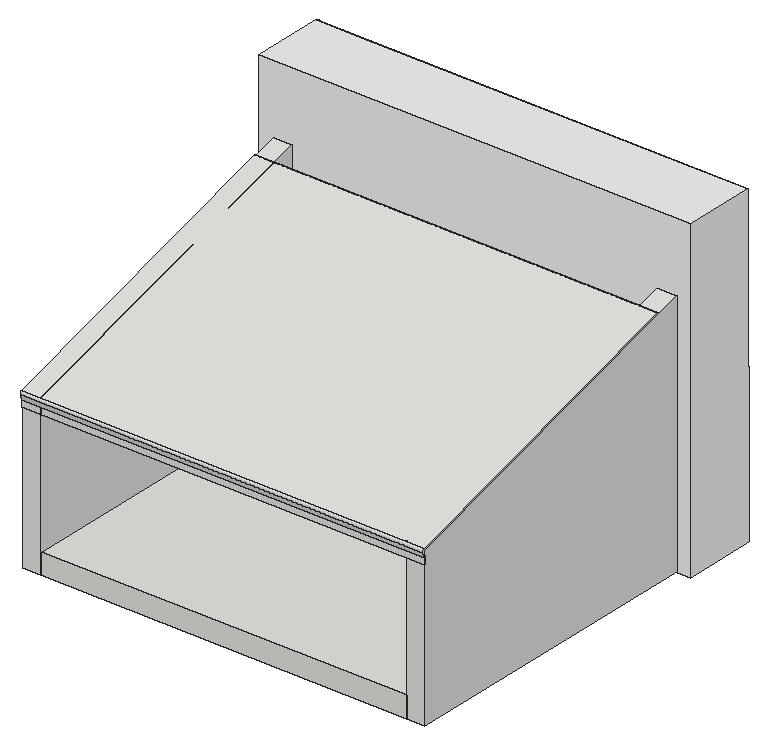
Revit family "Plumbing-Sink-Sloan-Valve-ELGR-81000_555", category Plumbing Fixtures, host Face, Revit 2020
Family settings
  Host = Face
  Round Connector Dimension = Use Diameter
  Part Type = Normal
  OmniClass Number = 23.45.05.14.14
  OmniClass Title = Sinks/Lavatories
  Cut with Voids When Loaded = No
  Shared = No
  Room Calculation Point = No
Parameters (values of type "ELGR-81000")
  Width = 30.0"  # constant formula
  Water Flow = 0.0 GPM
  Waste Connection = yes
  WFU = 2
  Vent Connection = no
  Valve Pressure Drop = 0.0 Pa
  URL = "www.sloanvalve.com"
  Sanitary Drain Connector Description = "Sanitary Drain Connector"  # constant formula
  Sanitary Drain Connection Diameter = 1.50"  # constant formula
  Product data url = "https://bimobject.com/sloan_valve/product/sinks_sloanstone_ELGR-81000"
  Product Material = Sloan - SloanStone - White (WH)
  Part Number = ""
  Model = "ELGR-81000"
  Manufacturer = "Sloan Valve"  # constant formula
  Keynote = "10000"
  Hot Water Connector Description = "Hot Water Connector"  # constant formula
  Hot Water Connection Diameter = 0.50"  # constant formula
  Height = 5.0"  # constant formula
  HWFU = 1.5
  HW Connection = yes
  Enclosure [instance] = yes
  Edition number = 1
  Description = "SloanStone® 1-Station Wall-Mounted Gradient Sink."
  Depth = 22.0"  # constant formula
  Default Elevation = 34.0"
  Cold Water Connector Description = "Cold Water Connector"  # constant formula
  Cold Water Connection Diameter = 0.50"  # constant formula
  CWFU = 1.5
  CW Connection = yes
  Assembly Code = "D2010400"
  ADA Compliant = 1 = 1  # yes
Reference planes (in)
  plane 1 "Center (Front/Back)": y = 0
  plane 2: z = 0
  plane 3 "Center (Left/Right)": x = 0
  plane 4: x = -15
  plane 5: x = 15
Forms (in)
  Extrusion 1, solid, not visible
    sketch origin (0, 0, 0) x (1, 0, 0) y (0, 1, 0)
      loop
        circle (0, -14) r 0.625
      loop
        circle (4, -10) r 0.25
      loop
        circle (-4, -10) r 0.25
    from 0 to 0.06299
Dimensions and locks (in)
  aligned and locked: plane 2 to host face
  aligned and locked: level to host face
  aligned and locked: plane 1 "Center (Front/Back)" to nested 1
Nested families (in)
  nested 1: "Geometry" at (0, 0, 0), Product Material <- "Product Material", type "Geometry"
    with Product Material Sloan - SloanStone - White (WH)
Connectors (in)
  piping at (0, -14, 0), diameter 1.5, driven by "Sanitary Drain Connection Diameter", driven by "WFU", driven by "Sanitary Drain Connector Description"
    settings: on Extrusion 1, index 1, connector inside diameter 24.00", connector length 0.0", flow factor 0, pipe flow 0.0 GPM, pressure drop 0.0 Pa, fitting loss kfactor 0, connector angle 0.00°, fixture units 2, engagement length 0.0", angle of deflection 0.00°, flow configuration 3, flow direction 2, fitting loss method 0, system type 16, joint type 0, gender type 0, connector reference index -1, connector utility 0, adjustable connector no, is connector primary yes, connector description "Sanitary Drain Connector"
  piping at (4, -10, 0), diameter 0.5, driven by "Cold Water Connection Diameter", driven by "CWFU", driven by "Cold Water Connector Description"
    settings: on Extrusion 1, index 2, connector inside diameter 24.00", connector length 0.0", flow factor 0, pipe flow 0.0 GPM, pressure drop 0.0 Pa, fitting loss kfactor 0, connector angle 0.00°, fixture units 1.5, engagement length 0.0", angle of deflection 0.00°, flow configuration 3, flow direction 1, fitting loss method 0, system type 20, joint type 0, gender type 0, connector reference index -1, connector utility 0, adjustable connector no, is connector primary no, connector description "Cold Water Connector"
  piping at (-4, -10, 0), diameter 0.5, driven by "Hot Water Connection Diameter", driven by "HWFU", driven by "Hot Water Connector Description"
    settings: on Extrusion 1, index 3, connector inside diameter 24.00", connector length 0.0", flow factor 0, pipe flow 0.0 GPM, pressure drop 0.0 Pa, fitting loss kfactor 0, connector angle 0.00°, fixture units 1.5, engagement length 0.0", angle of deflection 0.00°, flow configuration 3, flow direction 1, fitting loss method 0, system type 19, joint type 0, gender type 0, connector reference index -1, connector utility 0, adjustable connector no, is connector primary no, connector description "Hot Water Connector"
Definition of nested family "Geometry"
  Parameters (values of type "Geometry")
    Width = 30.0"  # constant formula
    Waste Connection = yes
    Vent Connection = no
    URL = "https://www.sloan.com/"
    Type Comments = ""
    Product Material [instance] = none
    Model = ""
    Manufacturer = ""
    Length = 22.0"  # constant formula
    Height = 5.0"  # constant formula
    HW Connection = yes
    Enclosure Material = none
    Enclosure = yes
    Description = ""
    Default Elevation = 0.0"
    CW Connection = no
    Assembly Code = "D2010310"
  Reference planes (in)
    plane 1 "Center (Front/Back)": y = 0
    plane 2: z = 0
    plane 3 "Center (Left/Right)": x = 0
    plane 4: z = 22
    plane 5: y = -5
    plane 6: z = 5
    plane 7: z = 7.5
    plane 8: z = 19
    plane 9: z = 2.5
    plane 10: y = -10
    plane 11: y = -14
    plane 12: x = -4
    plane 13: x = -4
    plane 14: x = 4
    plane 15: x = 15
    plane 16: x = -15
    plane 17: z = 10.53125
    plane 18: z = 6.25
    plane 19: x = 4
    plane 20: x = -8.5
    plane 21: x = 8.5
    plane 22: x = -14
    plane 23: x = 14
    plane 24: x = -4
  Forms (in)
    Extrusion 1, solid
      sketch origin (0, 0, 0) x (1, 0, 0) y (0, 1, 0)
        loop
          line (-48, 48) -> (-48, -48) -> (48, -48) -> (48, 48) -> (-48, 48)
      from 0 to -12
    Extrusion 2, solid, material <- "Product Material"
      sketch origin (0, 0, 0) x (0, 1, 0) y (0, 0, 1)
        loop
          line (0, 0) -> (0, 4.90625)
          arc (0, 4.90625) -> (-0.02746, 4.97254) -> (-0.09375, 5) r 0.09375
          line (-0.09375, 5) -> (-3.90594, 5)
          arc (-3.90594, 5) -> (-3.97245, 5.02755) -> (-4, 5.09406) r 0.09406
          line (-4, 5.09406) -> (-4, 7.5) -> (-3.75, 7.5) -> (0, 19) -> (0, 21.96875)
          arc (0, 21.96875) -> (-0.00915, 21.99085) -> (-0.03125, 22) r 0.03125
          line (-0.03125, 22) -> (-5, 22) -> (-5, 4) -> (-1, 4) -> (-1, 0) -> (0, 0)
      from -15 to 15
    Extrusion 3, void
      sketch origin (0, 0, 0) x (1, 0, 0) y (0, 0, 1)
        loop
          circle (0, 6.25) r 0.75
        loop
          circle (0, 2.5) r 0.5
      from 0 to 5
    Extrusion 4, solid, not visible
      sketch origin (0, 0, 0) x (1, 0, 0) y (0, 1, 0)
        loop
          circle (0, -14) r 0.625
        loop
          circle (4, -10) r 0.25
        loop
          circle (-4, -10) r 0.25
      from 0 to 0.03125
    Extrusion 5, solid, material <- "Product Material"
      sketch origin (15, 0, 0) x (0, 1, 0) y (0, 0, 1)
        loop
          arc (0, 21.96875) -> (-0.00915, 21.99085) -> (-0.03125, 22) r 0.03125
          line (-0.03125, 22) -> (-5, 22) -> (-5, 0) -> (0, 0) -> (0, 21.96875)
      from -30 to -26
    Extrusion 6, solid, material <- "Product Material"
      sketch origin (-15, 0, 0) x (0, 1, 0) y (0, 0, -1)
        loop
          line (0, -21.96875) -> (0, 0) -> (-5, 0) -> (-5, -22) -> (-0.03125, -22)
          arc (-0.03125, -22) -> (-0.00915, -21.99085) -> (0, -21.96875) r 0.03125
      from -30 to -26
    Extrusion 7, solid, material <- "Product Material"
      sketch origin (0, 0, 0) x (1, 0, 0) y (0, 1, 0)
        loop
          line (7.07824, -4) -> (11, -4) -> (11, 0) -> (8.52272, 0)
          arc (8.52272, 0) -> (8.50416, -0.00589) -> (8.49239, -0.02141) r 0.03219
          line (8.49239, -0.02141) -> (7.07824, -4)
        loop
          line (-7.07824, -4) -> (-8.45389, -0.12974)
          arc (-8.45389, -0.12974) -> (-8.5252, -0.0357) -> (-8.63769, 0) r 0.19507
          line (-8.63769, 0) -> (-11, 0) -> (-11, -4) -> (-7.07824, -4)
      from 0 to 19
    Extrusion 8, solid, material <- "Enclosure Material", visible <- "Enclosure"
      sketch origin (15.0598, -4.52771, 0) x (0, 1, 0) y (0, 0, -1)
        loop
          line (-22.28349, 0) -> (-22.28349, -11.02999) -> (-0.47229, -17.22074) -> (-0.47229, 0) -> (-22.28349, 0)
      from 27.76017 to 29.0598
    Sweep 9, solid, material <- "Enclosure Material", visible <- "Enclosure"
      path origin (0, -4.35583, 0) x (1, 0, 0) y (0, 1, 0)
        loop
          line (-14, -22.62888) -> (14, -22.62888)
      profile origin (0, -26.98472, 0) x (0, 1, 0) y (0, 0, 1)
        loop
          line (-0.00555, 10.86203) -> (0.10434, 10.47744) -> (0.11135, 10.05276) -> (0.17114, 10.05375) -> (0.164, 10.4863) -> (0.04663, 10.89708)
          arc (0.04663, 10.89708) -> (0.05347, 10.95663) -> (0.10042, 10.9939) r 0.07831
          line (0.10042, 10.9939) -> (20.46592, 16.81261) -> (20.39199, 16.85368) -> (0.10261, 11.05672)
          arc (0.10261, 11.05672) -> (0.00821, 10.98178) -> (-0.00555, 10.86203) r 0.15748
    Extrusion 10, solid, material <- "Enclosure Material", visible <- "Enclosure"
      sketch origin (0, -4.52771, 0) x (1, 0, 0) y (0, 0, 1)
        loop
          line (-12.70037, 1.44) -> (-12.70037, 0) -> (12.70037, 0) -> (12.70037, 1.44) -> (-12.70037, 1.44)
      from 0.47229 to 22.28349
    Extrusion 11, solid, material <- "Enclosure Material", visible <- "Enclosure"
      sketch origin (-15.0598, -4.52771, 0) x (0, 1, 0) y (0, 0, 1)
        loop
          line (-22.28349, 0) -> (-0.47229, 0) -> (-0.47229, 17.22074) -> (-22.28349, 11.02999) -> (-22.28349, 0)
      from 27.76017 to 29.0598
  Cuts and joins
    Extrusion 3 cuts Extrusion 2
    joined: Extrusion 2, Extrusion 5, Extrusion 6, Extrusion 7
  Lines and regions (in)
    Masking region 1
      outline origin (0, 0, 0) x (1, 0, 0) y (0, 0, 1)
        loop
          line (15, 0) -> (15, 22) -> (-15, 22) -> (-15, 0) -> (15, 0)
    symbolic lines, detail levels medium+fine
      curve 1: line (-8.5, 0, 5) -> (8.5, 0, 5)
      curve 2: line (8.5, 0, 5) -> (8.5, 0, 19)
      curve 3: line (8.5, 0, 19) -> (-8.5, 0, 19)
      curve 4: line (-8.5, 0, 19) -> (-8.5, 0, 5)
    symbolic lines, detail levels fine
      curve 5: line (7.11167, 0, 5) -> (7.11167, 0, 7.5)
      curve 6: line (7.11167, 0, 7.5) -> (8.5, 0, 19)
      curve 7: line (-7.11167, 0, 5) -> (-7.11167, 0, 7.5)
      curve 8: line (-7.11167, 0, 7.5) -> (-8.5, 0, 19)
      curve 9: line (7.11167, 0, 7.5) -> (-7.11167, 0, 7.5)
      curve 10: circle (0, 0, 2.5) r 0.5 normal (0, -1, 0)
      curve 11: circle (0, 0, 6.19531) r 0.99701 normal (0, -1, 0)
  Dimensions and locks (in)
    "Length": Extrusion 1 to plane 4
    "Height": plane 5 to plane 1 "Center (Front/Back)"
    locked: plane 13 to plane 3 "Center (Left/Right)" at 4
    locked: plane 3 "Center (Left/Right)" to plane 14 at 4
    plane 16 to plane 15 = 30.0"
    equal spacing: plane 21, plane 3 "Center (Left/Right)", plane 20
    plane 21 to plane 20 = 17.0"
    equal spacing: plane 16, plane 3 "Center (Left/Right)", plane 15
    aligned and locked: plane 2 to Extrusion 1
    aligned and locked: level to Extrusion 1
    aligned and locked: plane 3 "Center (Left/Right)" to Extrusion 3 sketch curve
    aligned and locked: plane 3 "Center (Left/Right)" to Extrusion 4 sketch curve
    aligned and locked: plane 13 to Extrusion 4 sketch curve
    aligned and locked: plane 14 to Extrusion 4 sketch curve
    aligned and locked: plane 10 to Extrusion 4 sketch curve  (x2)
    aligned and locked: plane 11 to Extrusion 4 sketch curve
  Automatic sketch dimensions
    Extrusion 1 sketch curve to Extrusion 1 sketch curve = 96.0"  (x2)
    Extrusion 2 sketch curve to plane 5 = 0.0"
    plane 7 to Extrusion 2 sketch curve = 0.0"
    plane 6 to Extrusion 2 sketch curve = 0.0"
    Extrusion 2 sketch curve to level = 0.0"
    plane 4 to Extrusion 2 sketch curve = 0.0"
    Extrusion 2 sketch curve to plane 1 "Center (Front/Back)" = 0.0"  (x2)
    plane 8 to Extrusion 2 sketch curve = 0.0"
    Extrusion 2 sketch curve to plane 5 = 1.0"
    Extrusion 2 sketch curve to plane 6 = 0.09406"
    Extrusion 2 sketch curve to Extrusion 2 sketch curve = 0.25"
    plane 1 "Center (Front/Back)" to Extrusion 2 sketch curve = 1.0"
    Extrusion 2 sketch curve to Extrusion 2 sketch curve = 0.09375"
    Extrusion 2 sketch curve to Extrusion 2 sketch curve = 0.03125"
    plane 6 to Extrusion 2 sketch curve = 1.0"
    Extrusion 3 sketch curve to plane 3 "Center (Left/Right)" = 0.0"
    Extrusion 3 sketch curve to plane 9 = 0.0"
    Extrusion 3 sketch curve to plane 18 = 0.0"
    Extrusion 5 sketch curve to level = 0.0"
    Extrusion 5 sketch curve to plane 5 = 0.0"
    plane 4 to Extrusion 5 sketch curve = 0.0"
    Extrusion 5 sketch curve to plane 1 "Center (Front/Back)" = 0.0"
    plane 1 "Center (Front/Back)" to Extrusion 5 sketch curve = 0.03125"
    Extrusion 6 sketch curve to level = 0.0"
    Extrusion 6 sketch curve to plane 5 = 0.0"
    plane 4 to Extrusion 6 sketch curve = 0.0"
    Extrusion 6 sketch curve to plane 1 "Center (Front/Back)" = 0.0"
    plane 1 "Center (Front/Back)" to Extrusion 6 sketch curve = 0.03125"
    plane 1 "Center (Front/Back)" to Extrusion 7 sketch curve = 0.0"  (x2)
    Extrusion 7 sketch curve to plane 5 = 1.0"  (x2)
    plane 20 to Extrusion 7 sketch curve = 2.5"
    plane 20 to Extrusion 7 sketch curve = 0.13769"
    Extrusion 7 sketch curve to plane 20 = 0.04611"
    Extrusion 7 sketch curve to plane 20 = 1.42176"
    Extrusion 7 sketch curve to plane 21 = 1.42176"
    Extrusion 7 sketch curve to plane 21 = 0.00761"
    plane 21 to Extrusion 7 sketch curve = 0.02272"
    plane 21 to Extrusion 7 sketch curve = 2.5"
    Extrusion 7 sketch curve to Extrusion 7 sketch curve = 0.19507"
    Extrusion 7 sketch curve to Extrusion 7 sketch curve = 0.03219"
    Masking region 1 sketch curve to level = 0.0"
    Masking region 1 sketch curve to plane 16 = 0.0"
    plane 15 to Masking region 1 sketch curve = 0.0"
    plane 4 to Masking region 1 sketch curve = 0.0"
    curve 1 to plane 6 = 0.0"
    plane 20 to curve 1 = 0.0"
    curve 7 to plane 7 = 0.0"
    curve 10 to plane 3 "Center (Left/Right)" = 0.0"
    curve 1 to plane 21 = 0.0"
    curve 10 to plane 9 = 0.0"
    curve 8 to plane 8 = 0.0"
    curve 7 to plane 20 = 1.38833"
    curve 6 to plane 21 = 1.38833"
    curve 11 to plane 18 = 0.05469"
    curve 11 to plane 3 "Center (Left/Right)" = 0.0"
    Extrusion 8 sketch curve to level = 0.0"
    Extrusion 8 sketch curve to plane 5 = 0.0"
    plane 11 to Extrusion 8 sketch curve = 12.8112"
    plane 17 to Extrusion 8 sketch curve = 0.49874"
    plane 8 to Extrusion 8 sketch curve = 1.77926"
    Extrusion 10 sketch curve to level = 0.0"
    plane 16 to Extrusion 10 sketch curve = 2.29963"
    plane 15 to Extrusion 10 sketch curve = 2.29963"
    plane 9 to Extrusion 10 sketch curve = 1.06"
    Extrusion 11 sketch curve to level = 0.0"
    Extrusion 11 sketch curve to plane 5 = 0.0"
    plane 11 to Extrusion 11 sketch curve = 12.8112"
    plane 17 to Extrusion 11 sketch curve = 0.49874"
    plane 8 to Extrusion 11 sketch curve = 1.77926"
    Sweep 9 sketch curve to plane 22 = 0.0"
    Sweep 9 sketch curve to plane 23 = 0.0"
    plane 11 to Sweep 9 sketch curve = 12.98472"
    profile plane to Sweep 9 sketch curve = 0.00555"
    Sweep 9 sketch curve to profile plane = 0.04663"
    Sweep 9 sketch curve to profile plane = 0.10042"
    Sweep 9 sketch curve to Sweep 9 sketch curve = 0.00219"
    Sweep 9 sketch curve to profile plane = 0.10434"
    Sweep 9 sketch curve to profile plane = 0.11135"
    Sweep 9 sketch curve to Sweep 9 sketch curve = 0.0753"
    Sweep 9 sketch curve to Sweep 9 sketch curve = 0.02394"
    Sweep 9 sketch curve to Sweep 9 sketch curve = 0.05966"
    Sweep 9 sketch curve to Sweep 9 sketch curve = 0.05979"
    Sweep 9 sketch curve to profile plane = 20.39199"
    Sweep 9 sketch curve to Sweep 9 sketch curve = 0.07393"
    profile plane to Sweep 9 sketch curve = 10.05276"
    Sweep 9 sketch curve to Sweep 9 sketch curve = 0.00099"
    Sweep 9 sketch curve to Sweep 9 sketch curve = 0.42467"
    Sweep 9 sketch curve to Sweep 9 sketch curve = 0.00886"
    Sweep 9 sketch curve to Sweep 9 sketch curve = 0.38459"
    Sweep 9 sketch curve to Sweep 9 sketch curve = 0.03505"
    Sweep 9 sketch curve to Sweep 9 sketch curve = 0.00821"
    Sweep 9 sketch curve to Sweep 9 sketch curve = 0.0133"
    profile plane to Sweep 9 sketch curve = 16.81261"
    Sweep 9 sketch curve to Sweep 9 sketch curve = 0.04107"
    radius of Extrusion 3 sketch curve = 0.75"
    radius of Extrusion 3 sketch curve = 0.5"
    radius of Extrusion 4 sketch curve = 0.625"
    radius of Extrusion 4 sketch curve = 0.25"  (x2)
    radius of curve 10 = 0.5"
    radius of curve 11 = 0.99701"
  Connectors (in)
    piping at (0, -14, 0), diameter 1.25
      settings: on Extrusion 4, index 1, connector inside diameter 24.00", connector length 0.0", flow factor 0, pipe flow 0.0 GPM, pressure drop 0.0 Pa, fitting loss kfactor 0, connector angle 0.00°, fixture units 2, engagement length 0.0", angle of deflection 0.00°, flow configuration 3, flow direction 2, fitting loss method 0, system type 16, joint type 0, gender type 0, connector reference index -1, connector utility 0, adjustable connector yes, is connector primary yes, connector description "1-1/4\" Waste Outlet"
    piping at (4, -10, 0), diameter 0.5
      settings: on Extrusion 4, index 2, connector inside diameter 24.00", connector length 0.0", flow factor 0, pipe flow 0.0 GPM, pressure drop 0.0 Pa, fitting loss kfactor 0, connector angle 0.00°, fixture units 1.5, engagement length 0.0", angle of deflection 0.00°, flow configuration 3, flow direction 1, fitting loss method 0, system type 20, joint type 0, gender type 0, connector reference index -1, connector utility 0, adjustable connector no, is connector primary no, connector description "1/2\" CW Supply Inlet"
    piping at (-4, -10, 0), diameter 0.5
      settings: on Extrusion 4, index 3, connector inside diameter 24.00", connector length 0.0", flow factor 0, pipe flow 0.0 GPM, pressure drop 0.0 Pa, fitting loss kfactor 0, connector angle 0.00°, fixture units 1.5, engagement length 0.0", angle of deflection 0.00°, flow configuration 3, flow direction 1, fitting loss method 0, system type 19, joint type 0, gender type 0, connector reference index -1, connector utility 0, adjustable connector no, is connector primary no, connector description "1/2\" HW Supply Inlet"
